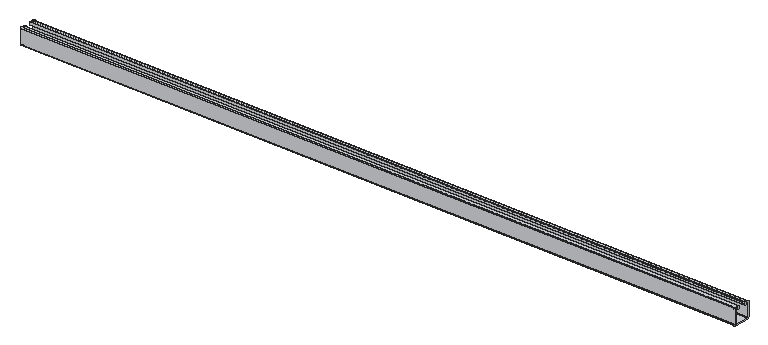
Revit family "Montageschiene 45- 45-2,0  2m fbv Langloch 2D", category HLS-Bauteile, Revit 2023
Family settings
  Bemaßung runder Anschluss = Durchmesser verwenden
  Teiletyp = Normal
  Arbeitsebenenbasiert = Ja
  Immer vertikal = Nein
  Beim Laden mit Abzugskörper schneiden = Nein
  Beschriftungsausrichtung beibehalten = Nein
  Gemeinsam genutzt = Ja
  Raumberechnungspunkt = Nein
Parameters
  vpe = "10"
  Widerstandsmoment Wz = "4.73 cm³"
  Widerstandsmoment Wy = "3.45 cm³"
  Default Elevation = 1219.2 mm
  Trägheitsradius iz = "1.89 cm"
  Trägheitsradius iy = "1.62 cm"
  Torsionswiderstandsmoment Wt = " cm³"
  Stärke = 2 mm
  Streckgrenze = "250 N/mm²"
  Schwerpunktabstand ez = "2.25 cm"
  Schwerpunktabstand eu = "2.26 cm"
  Schwerpunktabstand eo = "2.24 cm"
  Schlitzbreite = "22 mm"
  Regelhalter [instance] = ""
  Profiltyp = "45/45"
  Profil = "C-Profil"
  Oberflaeche = "feuerbandverzinkt"
  Montagelänge [instance] = 2000 mm
  Mengeneinheit = "m"
  Materialname = "S250"
  Material = "Stahl"
  Länge = 2000 mm
  Lochdurchmesser = "14.00 mm"
  Langloch = "14.0 x 45.0 mm"
  Kurztext2 = "45 / 45 / 2 mm L= 2 m fbv"
  Kurztext1 = "Montageschiene C-Profil"
  Höhe = "45 mm"
  Gewicht pro Stück [instance] = (Gewicht * Montagelänge / (1000 mm * 1000 mm)) * 1000 mm  # 4.90 kg
  Gewicht pro Bauteil [instance] = Gewicht pro Stück  # 4.90 kg
  Gewicht = 2.45 kg
  Gesamtlänge [instance] = Montagelänge  # 2000 mm
  Gesamtgewicht [instance] = Gewicht pro Bauteil  # 4.90 kg
  Fläche (schwächster Profilquerschnitt) = 0.000298 m²
  Firma = "MEFA Befestigungs- und Montagesysteme GmbH"
  Fabrikat = "MEFA"
  Erweiterung Langloch = " mm"
  EAN = "4250928448040"
  Bund = "120 m"
  Breite = 45 mm
  Artikelnummer = "082045220"
  Anzahl Langloch [instance] = Montagelänge / 105 mm  # 19
  Abmessung = "45/45/2.0 mm"
Reference planes
  plane 1 "Mitte (Vorne/hinten)": y = 0
  plane 2: z = 0
  plane 3 "Mitte (Links/rechts)": x = 0
  plane 4: x = 2000
Forms (mm)
  Extrusion 1, solid, detail levels fine
    sketch origin (0, 0, 0) x (0, 1, 0) y (0, 0, 1)
      loop
        arc (19.5, 0) -> (21.621, 0.879) -> (22.5, 3) r 3
        line (22.5, 3) -> (22.5, 42)
        arc (22.5, 42) -> (21.621, 44.121) -> (19.5, 45) r 3
        line (19.5, 45) -> (12, 45)
        arc (12, 45) -> (11.293, 44.707) -> (11, 44) r 1
        line (11, 44) -> (11, 37.5) -> (13, 37.5) -> (13, 43) -> (19.5, 43)
        arc (19.5, 43) -> (20.207, 42.707) -> (20.5, 42) r 1
        line (20.5, 42) -> (20.5, 3)
        arc (20.5, 3) -> (20.207, 2.293) -> (19.5, 2) r 1
        line (19.5, 2) -> (-19.5, 2)
        arc (-19.5, 2) -> (-20.207, 2.293) -> (-20.5, 3) r 1
        line (-20.5, 3) -> (-20.5, 42)
        arc (-20.5, 42) -> (-20.207, 42.707) -> (-19.5, 43) r 1
        line (-19.5, 43) -> (-13, 43) -> (-13, 37.5) -> (-11, 37.5) -> (-11, 44)
        arc (-11, 44) -> (-11.293, 44.707) -> (-12, 45) r 1
        line (-12, 45) -> (-19.5, 45)
        arc (-19.5, 45) -> (-21.621, 44.121) -> (-22.5, 42) r 3
        line (-22.5, 42) -> (-22.5, 3)
        arc (-22.5, 3) -> (-21.621, 0.879) -> (-19.5, 0) r 3
        line (-19.5, 0) -> (19.5, 0)
    from 0 to 2000
  Extrusion 2, solid, detail levels medium
    sketch origin (0, 0, 0) x (0, 1, 0) y (0, 0, 1)
      loop
        line (22.5, 0) -> (22.5, 45) -> (11, 45) -> (11, 37.5) -> (13, 37.5) -> (13, 43) -> (20.5, 43) -> (20.5, 2) -> (-20.5, 2) -> (-20.5, 43) -> (-13, 43) -> (-13, 37.5) -> (-11, 37.5) -> (-11, 45) -> (-22.5, 45) -> (-22.5, 0) -> (22.5, 0)
    from 0 to 2000
  Extrusion 3, solid, detail levels coarse
    sketch origin (0, 0, 0) x (0, 1, 0) y (0, 0, 1)
      loop
        line (22.5, 0) -> (22.5, 45) -> (-22.5, 45) -> (-22.5, 0) -> (22.5, 0)
    from 0 to 2000
Dimensions and locks
  "Montagelänge": plane 4 to plane 3 "Mitte (Links/rechts)"
  equal spacing: group 1, group 2, group 3, group 4, group 5, group 6, group 7, group 8, group 9, group 10, group 11, group 12, group 13, group 14, group 15, group 16, group 17, group 18, group 19  (x3)
  aligned and locked: level to plane 2
  aligned and locked: plane 4 to Extrusion 1
  aligned and locked: Extrusion 1 to plane 4
  aligned and locked: plane 4 to Extrusion 2
  aligned and locked: plane 4 to Extrusion 3
  aligned and locked: Extrusion 3 to plane 3 "Mitte (Links/rechts)"
  aligned and locked: nested 1 to plane 1 "Mitte (Vorne/hinten)"
Automatic sketch dimensions
  Extrusion 1 sketch curve to Extrusion 1 sketch curve = 0 mm  (x9)
  Extrusion 1 sketch curve to level = 0 mm
  level to Extrusion 1 sketch curve = 3 mm  (x2)
  plane 1 "Mitte (Vorne/hinten)" to Extrusion 1 sketch curve = 22.5 mm
  Extrusion 1 sketch curve to Extrusion 1 sketch curve = 2 mm
  Extrusion 1 sketch curve to Extrusion 1 sketch curve = 1 mm  (x6)
  Extrusion 1 sketch curve to Extrusion 1 sketch curve = 6.5 mm
  Extrusion 1 sketch curve to plane 1 "Mitte (Vorne/hinten)" = 11 mm
  Extrusion 1 sketch curve to plane 1 "Mitte (Vorne/hinten)" = 19.5 mm
  Extrusion 1 sketch curve to Extrusion 1 sketch curve = 34.5 mm
  Extrusion 1 sketch curve to Extrusion 1 sketch curve = 4.5 mm  (x2)
  level to Extrusion 2 sketch curve = 0 mm
  plane 1 "Mitte (Vorne/hinten)" to Extrusion 2 sketch curve = 22.5 mm
  Extrusion 2 sketch curve to Extrusion 2 sketch curve = 7.5 mm  (x3)
  Extrusion 2 sketch curve to plane 1 "Mitte (Vorne/hinten)" = 11 mm
  Extrusion 2 sketch curve to Extrusion 2 sketch curve = 0 mm
  Extrusion 2 sketch curve to Extrusion 2 sketch curve = 5.5 mm
  Extrusion 2 sketch curve to Extrusion 2 sketch curve = 2 mm  (x6)
  level to Extrusion 2 sketch curve = 2 mm
  Extrusion 2 sketch curve to Extrusion 2 sketch curve = 35.5 mm
  Extrusion 3 sketch curve to level = 0 mm
  plane 1 "Mitte (Vorne/hinten)" to Extrusion 3 sketch curve = 22.5 mm
  Extrusion 3 sketch curve to plane 1 "Mitte (Vorne/hinten)" = 22.5 mm
  Extrusion 3 sketch curve to Extrusion 3 sketch curve = 45 mm
Nested families
  nested 1: "Langloch 14 x 45 14 2D" at (33.998, 0, 0) x (1, 0, 0) z (0, 0, -1), type "Langloch 14 x 45 14 2D", detail levels fine
  nested 2: "Langloch 14 x 45 14 2D" at (138.998, 0, 0) x (1, 0, 0) z (0, 0, -1), type "Langloch 14 x 45 14 2D", detail levels fine
  nested 3: "Langloch 14 x 45 14 2D" at (243.998, 0, 0) x (1, 0, 0) z (0, 0, -1), type "Langloch 14 x 45 14 2D", detail levels fine
  nested 4: "Langloch 14 x 45 14 2D" at (348.998, 0, 0) x (1, 0, 0) z (0, 0, -1), type "Langloch 14 x 45 14 2D", detail levels fine
  nested 5: "Langloch 14 x 45 14 2D" at (453.998, 0, 0) x (1, 0, 0) z (0, 0, -1), type "Langloch 14 x 45 14 2D", detail levels fine
  nested 6: "Langloch 14 x 45 14 2D" at (558.998, 0, 0) x (1, 0, 0) z (0, 0, -1), type "Langloch 14 x 45 14 2D", detail levels fine
  nested 7: "Langloch 14 x 45 14 2D" at (663.998, 0, 0) x (1, 0, 0) z (0, 0, -1), type "Langloch 14 x 45 14 2D", detail levels fine
  nested 8: "Langloch 14 x 45 14 2D" at (768.998, 0, 0) x (1, 0, 0) z (0, 0, -1), type "Langloch 14 x 45 14 2D", detail levels fine
  nested 9: "Langloch 14 x 45 14 2D" at (873.998, 0, 0) x (1, 0, 0) z (0, 0, -1), type "Langloch 14 x 45 14 2D", detail levels fine
  nested 10: "Langloch 14 x 45 14 2D" at (978.998, 0, 0) x (1, 0, 0) z (0, 0, -1), type "Langloch 14 x 45 14 2D", detail levels fine
  nested 11: "Langloch 14 x 45 14 2D" at (1083.998, 0, 0) x (1, 0, 0) z (0, 0, -1), type "Langloch 14 x 45 14 2D", detail levels fine
  nested 12: "Langloch 14 x 45 14 2D" at (1188.998, 0, 0) x (1, 0, 0) z (0, 0, -1), type "Langloch 14 x 45 14 2D", detail levels fine
  nested 13: "Langloch 14 x 45 14 2D" at (1293.998, 0, 0) x (1, 0, 0) z (0, 0, -1), type "Langloch 14 x 45 14 2D", detail levels fine
  nested 14: "Langloch 14 x 45 14 2D" at (1398.998, 0, 0) x (1, 0, 0) z (0, 0, -1), type "Langloch 14 x 45 14 2D", detail levels fine
  nested 15: "Langloch 14 x 45 14 2D" at (1503.998, 0, 0) x (1, 0, 0) z (0, 0, -1), type "Langloch 14 x 45 14 2D", detail levels fine
  nested 16: "Langloch 14 x 45 14 2D" at (1608.998, 0, 0) x (1, 0, 0) z (0, 0, -1), type "Langloch 14 x 45 14 2D", detail levels fine
  nested 17: "Langloch 14 x 45 14 2D" at (1713.998, 0, 0) x (1, 0, 0) z (0, 0, -1), type "Langloch 14 x 45 14 2D", detail levels fine
  nested 18: "Langloch 14 x 45 14 2D" at (1818.998, 0, 0) x (1, 0, 0) z (0, 0, -1), type "Langloch 14 x 45 14 2D", detail levels fine
  nested 19: "Langloch 14 x 45 14 2D" at (1923.998, 0, 0) x (1, 0, 0) z (0, 0, -1), type "Langloch 14 x 45 14 2D", detail levels fine
Definition of nested family "Langloch 14 x 45 14 2D"
  Parameters (values of type "Langloch 14 x 45 14 2D")
    Default Elevation = 1219.2 mm
  Reference planes
    plane 1 "Mitte (Vorne/hinten)": y = 0
    plane 2: z = 0
    plane 3 "Mitte (Links/rechts)": x = 0
  Forms (mm)
    Extrusion 1, solid
      sketch origin (0, 0, 0) x (1, 0, 0) y (0, 1, 0)
        loop
          line (-1219.2, 1219.2) -> (-1219.2, -1219.2) -> (1219.2, -1219.2) -> (1219.2, 1219.2) -> (-1219.2, 1219.2)
      from 0 to -304.8
  Lines and regions (mm)
    model lines
      curve 1: line (-15.498, 7, 0) -> (15.502, 7, 0)
      curve 2: line (-15.498, -7, 0) -> (15.502, -7, 0)
      curve 3: arc (15.502, 7, 0) -> (22.502, 0, 0) -> (15.502, -7, 0) r 7
      curve 6: arc (-15.498, 7, 0) -> (-22.498, 0, 0) -> (-15.498, -7, 0) r 7
      curve 7: line (-15.692, 7.5, 0) -> (-15.692, -7.5, 0)
      curve 8: line (-24.531, 0, 0) -> (24.555, 0, 0)
      curve 9: line (15.692, 7.5, 0) -> (15.692, -7.5, 0)
      curve 10: circle (52.502, 0, 0) r 7 normal (0, 0, 1)
      curve 11: line (52.502, 7.5, 0) -> (52.502, -7.5, 0)
      curve 13: line (42.937, 0, 0) -> (62.034, 0, 0)
    model lines, detail levels fine
      curve 4: line (-15.692, 0, 10) -> (-15.692, 0, -10)
      curve 5: line (15.692, 0, 10) -> (15.692, 0, -10)
      curve 12: line (52.502, 0, 10) -> (52.502, 0, -10)
  Dimensions and locks
    aligned and locked: plane 2 to Extrusion 1
    aligned and locked: level to Extrusion 1
